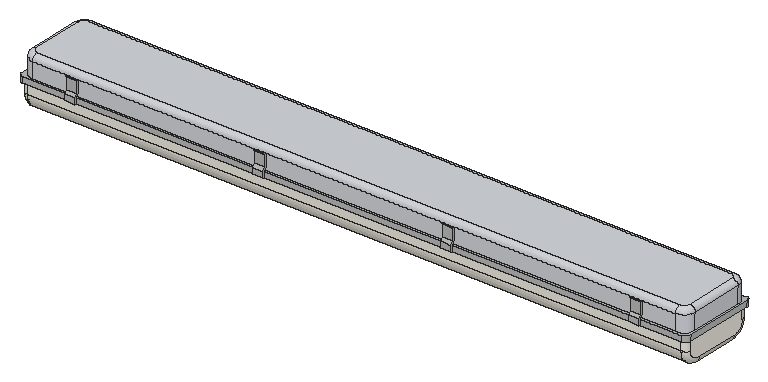
Revit family "АЙСБЕРГ", category Осветительные приборы, Revit 2019 (continued)
Types (8, lengths in mm): name | Файл фотометрической сетки | built-in parameter 1150105 | Lumens | built-in parameter 1150106 | built-in parameter 1150142 | Wattage | ADSK_Ток | ADSK_Полная мощность | ADSK_Обозначение | ADSK_Номинальная мощность | ADSK_Наименование | ADSK_Код изделия
  CSVT Айсберг-38  (IP65, 5000К ) c БАП на 3 час. | "CSVT Iceberg-38.ies" | 358.1 (stored number, unit not read) | 4500 lm | 3.581 (stored number, unit not read) | "IESNA:LM-63-95\r\n[TEST] Протокол № 50\r\n[DATA] 17.06.2016\r\n[MORE] \r\n[MANUFAC] ЗАО \"Центрстройсвет\"\r\n[LUMCAT]  Светильник OPERLUX-34/PRISMA-(588x588) \r\n[LUMINAIRE]\r\n[LAMPCAT] Светодиоды\r\n[LAMP] Поток источника света (светодиодов) не известен\r\n[MORE] КСС приведена в абсолютных величинах кд\r\n[MORE] Вместо потока лампы, указан поток светильника.\r\nTILT=NONE\r\n1    3050 1.0 37 73 1 2 0.588 0.588 0.08\r\n1.0 1.0 34\r\n0.0 5.0 10.0 15.0 20.0 25.0 30.0 35.0 40.0 45.0 50.0 55.0 60.0 65.0 70.0 75.0 80.0 85.0 90.0 95.0 100.0 105.0 110.0 115.0 120.0 125.0 130.0 135.0 140.0 145.0 150.0 155.0 160.0 165.0 170.0 175.0 180.0\r\n0.0 5.0 10.0 15.0 20.0 25.0 30.0 35.0 40.0 45.0 50.0 55.0 60.0 65.0 70.0 75.0 80.0 85.0 90.0 95.0 100.0 105.0 110.0 115.0 120.0 125.0 130.0 135.0 140.0 145.0 150.0 155.0 160.0 165.0 170.0 175.0 180.0 185.0 190.0 195.0 200.0 205.0 210.0 215.0 220.0 225.0 230.0 235.0 240.0 245.0 250.0 255.0 260.0 265.0 270.0 275.0 280.0 285.0 290.0 295.0 300.0 305.0 310.0 315.0 320.0 325.0 330.0 335.0 340.0 345.0 350.0 355.0 360.0\r\n1367.8 1364.1 1339.9 1310.7 1251.0 1171.4 1077.9 956.5 826.9 709.2 591.4 468.7 352.2 267.2 190.7 130.0 88.6 43.5 5.5 0.0 0.0 0.0 0.0 0.0 0.0 0.0 0.0 0.0 0.0 0.0 0.0 0.0 0.0 0.0 0.0 0.0 0.0\r\n1367.8 1365.7 1344.6 1309.2 1251.5 1175.2 1073.4 954.2 830.4 711.2 594.6 469.5 356.0 268.7 191.9 132.6 89.9 43.9 6.3 0.0 0.0 0.0 0.0 0.0 0.0 0.0 0.0 0.0 0.0 0.0 0.0 0.0 0.0 0.0 0.0 0.0 0.0\r\n1367.8 1367.4 1347.2 1302.8 1251.5 1178.6 1078.4 958.6 835.1 714.0 597.2 474.3 359.6 268.7 192.7 135.6 92.1 44.3 6.9 0.0 0.0 0.0 0.0 0.0 0.0 0.0 0.0 0.0 0.0 0.0 0.0 0.0 0.0 0.0 0.0 0.0 0.0\r\n1367.8 1368.2 1346.2 1303.1 1250.1 1177.1 1081.4 960.9 838.1 716.2 597.6 475.0 358.6 266.4 190.9 134.8 91.7 44.9 7.0 0.0 0.0 0.0 0.0 0.0 0.0 0.0 0.0 0.0 0.0 0.0 0.0 0.0 0.0 0.0 0.0 0.0 0.0\r\n1367.8 1367.7 1343.5 1306.2 1256.1 1180.0 1081.0 961.6 838.1 714.0 595.7 473.1 356.8 262.2 188.3 132.8 89.3 43.7 6.6 0.0 0.0 0.0 0.0 0.0 0.0 0.0 0.0 0.0 0.0 0.0 0.0 0.0 0.0 0.0 0.0 0.0 0.0\r\n1367.8 1366.2 1344.8 1309.0 1256.2 1184.6 1080.4 962.6 836.8 714.8 593.8 469.6 354.4 260.1 184.9 130.4 88.4 44.2 6.5 0.0 0.0 0.0 0.0 0.0 0.0 0.0 0.0 0.0 0.0 0.0 0.0 0.0 0.0 0.0 0.0 0.0 0.0\r\n1367.8 1364.3 1347.6 1312.1 1259.9 1177.4 1078.5 968.2 849.1 721.6 596.0 467.2 355.0 257.4 183.3 127.1 87.5 45.4 6.5 0.0 0.0 0.0 0.0 0.0 0.0 0.0 0.0 0.0 0.0 0.0 0.0 0.0 0.0 0.0 0.0 0.0 0.0\r\n1367.8 1363.3 1348.8 1312.0 1262.8 1181.2 1077.4 968.8 853.2 730.0 597.2 466.8 353.5 256.9 181.1 124.8 87.2 45.9 6.9 0.0 0.0 0.0 0.0 0.0 0.0 0.0 0.0 0.0 0.0 0.0 0.0 0.0 0.0 0.0 0.0 0.0 0.0\r\n1367.8 1364.0 1350.3 1308.2 1255.9 1182.2 1079.9 969.0 856.0 734.3 601.1 468.4 352.6 254.4 178.0 121.7 85.5 45.0 6.9 0.0 0.0 0.0 0.0 0.0 0.0 0.0 0.0 0.0 0.0 0.0 0.0 0.0 0.0 0.0 0.0 0.0 0.0\r\n1367.8 1364.9 1349.2 1313.0 1259.2 1178.2 1076.4 970.7 860.9 740.8 606.9 469.1 350.2 254.0 175.6 117.8 83.6 43.4 6.7 0.0 0.0 0.0 0.0 0.0 0.0 0.0 0.0 0.0 0.0 0.0 0.0 0.0 0.0 0.0 0.0 0.0 0.0\r\n1367.8 1365.0 1348.6 1315.3 1261.5 1184.1 1082.6 973.9 862.8 745.2 607.9 469.0 350.5 253.1 173.2 116.2 81.4 42.4 6.5 0.0 0.0 0.0 0.0 0.0 0.0 0.0 0.0 0.0 0.0 0.0 0.0 0.0 0.0 0.0 0.0 0.0 0.0\r\n1367.8 1364.4 1347.9 1315.3 1258.7 1186.3 1085.9 970.5 862.2 747.0 613.0 468.8 350.2 252.8 173.4 116.6 79.8 40.9 6.7 0.0 0.0 0.0 0.0 0.0 0.0 0.0 0.0 0.0 0.0 0.0 0.0 0.0 0.0 0.0 0.0 0.0 0.0\r\n1367.8 1363.4 1347.0 1308.3 1258.6 1184.3 1089.8 973.9 867.7 742.3 606.2 467.0 350.0 252.6 175.4 119.1 79.8 42.1 7.1 0.0 0.0 0.0 0.0 0.0 0.0 0.0 0.0 0.0 0.0 0.0 0.0 0.0 0.0 0.0 0.0 0.0 0.0\r\n1367.8 1362.6 1348.4 1308.2 1261.4 1190.2 1088.3 978.6 869.6 744.0 601.1 462.4 350.2 253.6 175.9 123.0 83.5 45.3 7.8 0.0 0.0 0.0 0.0 0.0 0.0 0.0 0.0 0.0 0.0 0.0 0.0 0.0 0.0 0.0 0.0 0.0 0.0\r\n1367.8 1362.3 1347.3 1311.1 1262.3 1191.1 1093.6 982.5 872.1 746.6 597.2 461.1 348.8 251.4 176.3 127.6 89.2 48.5 7.9 0.0 0.0 0.0 0.0 0.0 0.0 0.0 0.0 0.0 0.0 0.0 0.0 0.0 0.0 0.0 0.0 0.0 0.0\r\n1367.8 1362.5 1345.8 1316.1 1260.6 1190.3 1096.8 982.6 873.3 743.8 593.1 456.4 347.2 250.6 175.7 130.9 94.2 51.8 9.3 0.0 0.0 0.0 0.0 0.0 0.0 0.0 0.0 0.0 0.0 0.0 0.0 0.0 0.0 0.0 0.0 0.0 0.0\r\n1367.8 1363.2 1345.2 1315.5 1267.1 1195.5 1096.1 995.9 871.3 740.3 589.0 455.0 342.8 246.9 174.2 131.9 97.1 52.4 10.1 0.0 0.0 0.0 0.0 0.0 0.0 0.0 0.0 0.0 0.0 0.0 0.0 0.0 0.0 0.0 0.0 0.0 0.0\r\n1367.8 1364.5 1346.0 1317.2 1264.0 1194.7 1102.6 991.8 873.9 736.2 584.7 454.3 338.6 243.0 171.3 130.1 99.3 53.7 9.5 0.0 0.0 0.0 0.0 0.0 0.0 0.0 0.0 0.0 0.0 0.0 0.0 0.0 0.0 0.0 0.0 0.0 0.0\r\n1367.8 1365.9 1346.4 1317.1 1264.0 1198.2 1105.3 994.6 872.6 727.7 582.0 451.8 335.8 239.9 168.3 127.6 100.0 55.8 7.5 0.0 0.0 0.0 0.0 0.0 0.0 0.0 0.0 0.0 0.0 0.0 0.0 0.0 0.0 0.0 0.0 0.0 0.0\r\n1367.8 1366.3 1344.9 1317.5 1265.6 1200.4 1108.2 997.2 868.8 722.7 575.8 446.5 333.1 238.4 167.7 126.3 98.1 56.1 8.8 0.0 0.0 0.0 0.0 0.0 0.0 0.0 0.0 0.0 0.0 0.0 0.0 0.0 0.0 0.0 0.0 0.0 0.0\r\n1367.8 1365.9 1344.0 1313.0 1263.2 1200.6 1104.3 997.0 862.7 720.9 568.5 441.0 331.7 237.8 167.7 126.3 96.7 53.7 9.4 0.0 0.0 0.0 0.0 0.0 0.0 0.0 0.0 0.0 0.0 0.0 0.0 0.0 0.0 0.0 0.0 0.0 0.0\r\n1367.8 1365.3 1346.1 1312.6 1263.0 1198.3 1108.1 995.3 861.6 712.7 563.4 437.4 331.4 236.8 165.9 124.7 95.3 55.2 9.1 0.0 0.0 0.0 0.0 0.0 0.0 0.0 0.0 0.0 0.0 0.0 0.0 0.0 0.0 0.0 0.0 0.0 0.0\r\n1367.8 1364.9 1349.2 1313.0 1262.9 1199.0 1108.3 993.8 855.7 710.3 563.1 435.2 329.9 233.9 163.4 121.6 92.0 55.1 8.8 0.0 0.0 0.0 0.0 0.0 0.0 0.0 0.0 0.0 0.0 0.0 0.0 0.0 0.0 0.0 0.0 0.0 0.0\r\n1367.8 1364.1 1352.0 1313.2 1259.2 1197.0 1104.6 988.6 849.9 704.2 562.4 433.5 327.9 230.5 158.4 116.9 87.6 51.4 7.8 0.0 0.0 0.0 0.0 0.0 0.0 0.0 0.0 0.0 0.0 0.0 0.0 0.0 0.0 0.0 0.0 0.0 0.0\r\n1367.8 1363.0 1349.6 1313.3 1257.8 1193.2 1098.7 980.1 848.0 708.1 565.6 433.4 325.1 228.0 154.2 111.3 83.7 49.7 7.5 0.0 0.0 0.0 0.0 0.0 0.0 0.0 0.0 0.0 0.0 0.0 0.0 0.0 0.0 0.0 0.0 0.0 0.0\r\n1367.8 1361.9 1346.7 1314.1 1256.8 1193.2 1093.6 977.6 847.2 708.6 569.1 434.8 324.5 225.9 151.7 107.5 81.6 48.9 7.3 0.0 0.0 0.0 0.0 0.0 0.0 0.0 0.0 0.0 0.0 0.0 0.0 0.0 0.0 0.0 0.0 0.0 0.0\r\n1367.8 1361.2 1345.0 1309.5 1261.1 1193.3 1089.9 973.2 851.1 709.3 572.7 435.0 323.4 225.4 152.1 105.8 80.4 49.9 7.3 0.0 0.0 0.0 0.0 0.0 0.0 0.0 0.0 0.0 0.0 0.0 0.0 0.0 0.0 0.0 0.0 0.0 0.0\r\n1367.8 1360.5 1345.3 1307.2 1258.6 1186.4 1085.9 974.0 847.9 714.1 575.5 436.8 321.2 223.3 152.0 105.2 79.8 49.6 8.0 0.0 0.0 0.0 0.0 0.0 0.0 0.0 0.0 0.0 0.0 0.0 0.0 0.0 0.0 0.0 0.0 0.0 0.0\r\n1367.8 1360.0 1344.3 1308.1 1257.8 1178.2 1085.3 975.1 848.7 715.2 575.4 439.1 318.7 223.0 150.8 104.3 79.3 49.5 8.2 0.0 0.0 0.0 0.0 0.0 0.0 0.0 0.0 0.0 0.0 0.0 0.0 0.0 0.0 0.0 0.0 0.0 0.0\r\n1367.8 1360.5 1346.2 1311.6 1256.3 1174.7 1082.9 978.6 851.4 710.5 574.9 440.6 317.9 221.6 152.3 106.4 79.3 48.7 8.4 0.0 0.0 0.0 0.0 0.0 0.0 0.0 0.0 0.0 0.0 0.0 0.0 0.0 0.0 0.0 0.0 0.0 0.0\r\n1367.8 1361.9 1350.3 1309.3 1252.2 1172.6 1080.3 970.8 851.2 713.3 570.6 439.7 319.0 222.4 154.5 110.7 81.7 47.4 8.1 0.0 0.0 0.0 0.0 0.0 0.0 0.0 0.0 0.0 0.0 0.0 0.0 0.0 0.0 0.0 0.0 0.0 0.0\r\n1367.8 1363.7 1348.0 1307.6 1253.5 1171.4 1087.1 971.6 851.9 710.7 569.9 438.2 323.8 226.5 159.3 115.4 83.3 45.0 7.6 0.0 0.0 0.0 0.0 0.0 0.0 0.0 0.0 0.0 0.0 0.0 0.0 0.0 0.0 0.0 0.0 0.0 0.0\r\n1367.8 1365.3 1346.4 1312.3 1251.8 1172.7 1086.5 974.6 847.7 705.0 567.7 442.4 326.6 234.0 164.3 120.1 85.8 43.9 7.4 0.0 0.0 0.0 0.0 0.0 0.0 0.0 0.0 0.0 0.0 0.0 0.0 0.0 0.0 0.0 0.0 0.0 0.0\r\n1367.8 1366.2 1347.0 1309.1 1250.4 1170.7 1085.2 978.5 846.6 705.8 567.4 441.3 331.1 236.3 167.7 122.8 88.4 45.0 8.1 0.0 0.0 0.0 0.0 0.0 0.0 0.0 0.0 0.0 0.0 0.0 0.0 0.0 0.0 0.0 0.0 0.0 0.0\r\n1367.8 1366.0 1347.9 1306.2 1240.5 1166.7 1082.2 977.2 844.2 702.8 566.8 442.7 335.1 241.3 169.7 123.7 90.0 45.9 9.2 0.0 0.0 0.0 0.0 0.0 0.0 0.0 0.0 0.0 0.0 0.0 0.0 0.0 0.0 0.0 0.0 0.0 0.0\r\n1367.8 1364.3 1346.5 1311.7 1250.6 1170.3 1080.9 980.5 844.4 703.8 569.8 446.4 334.2 240.3 169.5 121.7 87.9 46.9 9.3 0.0 0.0 0.0 0.0 0.0 0.0 0.0 0.0 0.0 0.0 0.0 0.0 0.0 0.0 0.0 0.0 0.0 0.0\r\n1367.8 1361.6 1341.0 1307.3 1249.6 1169.2 1088.8 980.5 845.1 706.2 571.7 444.8 333.0 238.4 168.9 120.7 87.1 47.8 7.8 0.0 0.0 0.0 0.0 0.0 0.0 0.0 0.0 0.0 0.0 0.0 0.0 0.0 0.0 0.0 0.0 0.0 0.0\r\n1367.8 1359.4 1337.2 1303.3 1252.4 1170.4 1080.4 978.1 841.4 701.4 566.4 444.4 333.5 241.2 169.4 122.2 88.2 47.2 9.5 0.0 0.0 0.0 0.0 0.0 0.0 0.0 0.0 0.0 0.0 0.0 0.0 0.0 0.0 0.0 0.0 0.0 0.0\r\n1367.8 1359.3 1342.6 1310.3 1242.7 1173.0 1078.8 976.3 844.8 702.0 565.3 440.7 332.8 240.9 169.9 123.5 89.5 46.1 9.1 0.0 0.0 0.0 0.0 0.0 0.0 0.0 0.0 0.0 0.0 0.0 0.0 0.0 0.0 0.0 0.0 0.0 0.0\r\n1367.8 1361.3 1345.4 1306.4 1248.2 1167.7 1080.4 980.5 846.8 703.5 567.2 443.4 333.2 240.2 168.7 123.1 88.4 46.2 8.4 0.0 0.0 0.0 0.0 0.0 0.0 0.0 0.0 0.0 0.0 0.0 0.0 0.0 0.0 0.0 0.0 0.0 0.0\r\n1367.8 1364.4 1343.1 1308.2 1251.3 1170.9 1084.2 980.8 848.5 707.7 571.1 445.6 332.7 238.1 167.5 120.7 85.6 44.6 7.7 0.0 0.0 0.0 0.0 0.0 0.0 0.0 0.0 0.0 0.0 0.0 0.0 0.0 0.0 0.0 0.0 0.0 0.0\r\n1367.8 1366.7 1342.9 1310.2 1254.3 1176.8 1087.8 981.7 853.4 711.9 574.2 446.0 329.4 232.8 162.6 116.6 83.7 45.3 8.1 0.0 0.0 0.0 0.0 0.0 0.0 0.0 0.0 0.0 0.0 0.0 0.0 0.0 0.0 0.0 0.0 0.0 0.0\r\n1367.8 1367.7 1346.5 1310.6 1258.1 1183.1 1085.5 978.6 854.1 714.2 577.9 448.7 327.1 229.4 158.3 112.1 82.0 47.9 9.0 0.0 0.0 0.0 0.0 0.0 0.0 0.0 0.0 0.0 0.0 0.0 0.0 0.0 0.0 0.0 0.0 0.0 0.0\r\n1367.8 1367.3 1348.0 1310.6 1262.6 1180.1 1086.5 982.6 856.7 719.8 579.9 448.7 324.7 226.8 155.7 107.8 80.3 50.1 9.5 0.0 0.0 0.0 0.0 0.0 0.0 0.0 0.0 0.0 0.0 0.0 0.0 0.0 0.0 0.0 0.0 0.0 0.0\r\n1367.8 1365.6 1348.6 1309.9 1259.0 1186.0 1089.0 979.4 855.0 722.2 584.2 450.5 325.6 227.6 155.8 107.2 80.5 51.4 9.6 0.0 0.0 0.0 0.0 0.0 0.0 0.0 0.0 0.0 0.0 0.0 0.0 0.0 0.0 0.0 0.0 0.0 0.0\r\n1367.8 1363.3 1347.7 1306.8 1261.1 1190.7 1095.5 982.3 860.8 723.2 585.7 446.3 327.8 230.3 158.2 109.3 81.7 51.4 9.3 0.0 0.0 0.0 0.0 0.0 0.0 0.0 0.0 0.0 0.0 0.0 0.0 0.0 0.0 0.0 0.0 0.0 0.0\r\n1367.8 1361.0 1344.4 1306.7 1264.4 1191.7 1095.0 984.8 858.7 723.1 583.6 444.8 328.4 232.3 158.6 109.9 81.8 51.7 9.0 0.0 0.0 0.0 0.0 0.0 0.0 0.0 0.0 0.0 0.0 0.0 0.0 0.0 0.0 0.0 0.0 0.0 0.0\r\n1367.8 1359.1 1344.3 1308.4 1263.8 1198.1 1102.2 989.8 861.5 721.8 582.8 444.8 331.3 233.7 158.6 111.1 83.0 50.9 8.9 0.0 0.0 0.0 0.0 0.0 0.0 0.0 0.0 0.0 0.0 0.0 0.0 0.0 0.0 0.0 0.0 0.0 0.0\r\n1367.8 1357.8 1346.5 1313.8 1263.6 1192.7 1107.0 996.3 859.5 718.8 579.1 442.9 332.1 234.9 160.7 114.1 84.6 51.0 9.2 0.0 0.0 0.0 0.0 0.0 0.0 0.0 0.0 0.0 0.0 0.0 0.0 0.0 0.0 0.0 0.0 0.0 0.0\r\n1367.8 1357.7 1347.3 1313.2 1264.3 1198.9 1108.1 998.6 864.9 718.7 573.2 441.1 332.1 237.8 164.0 118.2 87.5 52.0 9.8 0.0 0.0 0.0 0.0 0.0 0.0 0.0 0.0 0.0 0.0 0.0 0.0 0.0 0.0 0.0 0.0 0.0 0.0\r\n1367.8 1358.5 1346.9 1313.1 1266.5 1195.6 1112.2 1002.8 870.4 722.5 574.7 443.8 335.7 239.1 166.4 121.6 91.2 55.8 10.9 0.0 0.0 0.0 0.0 0.0 0.0 0.0 0.0 0.0 0.0 0.0 0.0 0.0 0.0 0.0 0.0 0.0 0.0\r\n1367.8 1359.8 1344.7 1312.9 1269.5 1203.1 1107.5 1002.6 874.5 724.4 574.3 444.8 335.5 240.3 169.6 124.4 94.2 56.9 11.6 0.0 0.0 0.0 0.0 0.0 0.0 0.0 0.0 0.0 0.0 0.0 0.0 0.0 0.0 0.0 0.0 0.0 0.0\r\n1367.8 1361.7 1344.5 1316.7 1266.1 1199.3 1111.1 1004.7 879.7 733.6 577.6 446.7 337.8 241.2 168.7 126.0 96.3 56.5 11.7 0.0 0.0 0.0 0.0 0.0 0.0 0.0 0.0 0.0 0.0 0.0 0.0 0.0 0.0 0.0 0.0 0.0 0.0\r\n1367.8 1363.9 1346.7 1316.2 1265.7 1198.1 1117.1 1006.7 882.1 737.2 586.5 450.4 338.9 242.3 167.8 125.5 98.6 58.1 10.5 0.0 0.0 0.0 0.0 0.0 0.0 0.0 0.0 0.0 0.0 0.0 0.0 0.0 0.0 0.0 0.0 0.0 0.0\r\n1367.8 1365.2 1345.4 1319.5 1265.7 1198.8 1109.1 1003.5 876.9 742.6 589.1 456.4 341.1 242.1 167.5 126.8 100.2 57.9 8.8 0.0 0.0 0.0 0.0 0.0 0.0 0.0 0.0 0.0 0.0 0.0 0.0 0.0 0.0 0.0 0.0 0.0 0.0\r\n1367.8 1365.0 1345.2 1312.9 1265.8 1199.0 1109.7 999.6 877.6 742.6 595.8 457.7 342.1 245.3 170.4 128.5 99.0 56.9 11.0 0.0 0.0 0.0 0.0 0.0 0.0 0.0 0.0 0.0 0.0 0.0 0.0 0.0 0.0 0.0 0.0 0.0 0.0\r\n1367.8 1364.1 1347.9 1311.6 1271.1 1195.3 1102.7 998.9 881.1 745.5 597.2 460.9 345.1 248.6 174.0 129.7 96.5 55.6 11.2 0.0 0.0 0.0 0.0 0.0 0.0 0.0 0.0 0.0 0.0 0.0 0.0 0.0 0.0 0.0 0.0 0.0 0.0\r\n1367.8 1363.0 1347.3 1314.0 1269.6 1192.3 1104.9 991.5 878.3 748.8 603.5 463.3 348.1 251.3 177.2 130.4 94.2 55.0 10.3 0.0 0.0 0.0 0.0 0.0 0.0 0.0 0.0 0.0 0.0 0.0 0.0 0.0 0.0 0.0 0.0 0.0 0.0\r\n1367.8 1362.4 1346.2 1314.7 1264.3 1194.7 1094.8 992.0 878.4 749.1 608.2 465.6 349.4 252.9 177.2 127.6 90.1 51.7 8.7 0.0 0.0 0.0 0.0 0.0 0.0 0.0 0.0 0.0 0.0 0.0 0.0 0.0 0.0 0.0 0.0 0.0 0.0\r\n1367.8 1362.7 1348.0 1314.5 1265.5 1196.6 1094.9 983.4 872.0 752.6 609.3 469.0 352.6 254.1 177.1 125.0 85.8 47.2 8.1 0.0 0.0 0.0 0.0 0.0 0.0 0.0 0.0 0.0 0.0 0.0 0.0 0.0 0.0 0.0 0.0 0.0 0.0\r\n1367.8 1362.9 1347.6 1317.1 1264.6 1191.1 1090.4 981.6 868.8 748.7 612.1 472.2 352.0 253.6 176.2 121.4 83.1 43.4 6.9 0.0 0.0 0.0 0.0 0.0 0.0 0.0 0.0 0.0 0.0 0.0 0.0 0.0 0.0 0.0 0.0 0.0 0.0\r\n1367.8 1362.5 1343.6 1318.7 1268.8 1192.3 1085.5 974.5 866.1 750.5 612.3 472.0 350.7 253.1 174.7 119.5 83.2 43.3 6.3 0.0 0.0 0.0 0.0 0.0 0.0 0.0 0.0 0.0 0.0 0.0 0.0 0.0 0.0 0.0 0.0 0.0 0.0\r\n1367.8 1362.1 1341.3 1317.3 1267.8 1185.0 1082.2 972.1 864.2 747.6 611.4 473.0 350.1 254.2 174.7 118.9 84.4 45.4 6.1 0.0 0.0 0.0 0.0 0.0 0.0 0.0 0.0 0.0 0.0 0.0 0.0 0.0 0.0 0.0 0.0 0.0 0.0\r\n1367.8 1362.2 1343.6 1308.9 1260.0 1189.4 1084.9 971.7 859.6 740.4 606.9 470.8 351.4 253.9 176.6 120.3 86.5 45.9 6.5 0.0 0.0 0.0 0.0 0.0 0.0 0.0 0.0 0.0 0.0 0.0 0.0 0.0 0.0 0.0 0.0 0.0 0.0\r\n1367.8 1363.0 1342.9 1314.5 1263.9 1184.9 1081.6 971.9 853.4 735.2 605.3 467.7 352.3 254.8 180.1 122.7 87.8 46.6 6.8 0.0 0.0 0.0 0.0 0.0 0.0 0.0 0.0 0.0 0.0 0.0 0.0 0.0 0.0 0.0 0.0 0.0 0.0\r\n1367.8 1364.3 1340.2 1313.1 1261.0 1182.5 1084.4 971.4 852.3 730.7 600.0 466.2 354.3 255.8 181.2 124.6 88.4 46.8 6.6 0.0 0.0 0.0 0.0 0.0 0.0 0.0 0.0 0.0 0.0 0.0 0.0 0.0 0.0 0.0 0.0 0.0 0.0\r\n1367.8 1365.9 1343.5 1308.2 1258.3 1181.3 1083.1 966.4 845.6 721.0 594.9 467.0 352.2 259.1 183.4 126.7 88.1 45.4 6.1 0.0 0.0 0.0 0.0 0.0 0.0 0.0 0.0 0.0 0.0 0.0 0.0 0.0 0.0 0.0 0.0 0.0 0.0\r\n1367.8 1366.3 1345.1 1308.7 1254.7 1177.8 1080.9 969.9 838.6 714.9 593.4 465.7 351.7 258.6 185.5 129.6 88.1 44.0 5.9 0.0 0.0 0.0 0.0 0.0 0.0 0.0 0.0 0.0 0.0 0.0 0.0 0.0 0.0 0.0 0.0 0.0 0.0\r\n1367.8 1364.5 1343.2 1306.3 1248.4 1177.3 1082.4 962.7 833.3 713.0 595.0 468.9 352.8 260.9 187.3 132.3 88.7 43.5 6.0 0.0 0.0 0.0 0.0 0.0 0.0 0.0 0.0 0.0 0.0 0.0 0.0 0.0 0.0 0.0 0.0 0.0 0.0\r\n1367.8 1362.4 1346.0 1305.7 1255.8 1170.9 1078.4 956.8 832.7 709.6 592.6 470.6 355.6 263.8 189.2 133.7 90.3 44.0 6.3 0.0 0.0 0.0 0.0 0.0 0.0 0.0 0.0 0.0 0.0 0.0 0.0 0.0 0.0 0.0 0.0 0.0 0.0\r\n1367.8 1362.0 1346.8 1311.0 1252.6 1177.3 1074.5 958.3 825.6 709.7 591.0 467.7 356.3 264.6 188.4 133.0 90.3 43.3 6.2 0.0 0.0 0.0 0.0 0.0 0.0 0.0 0.0 0.0 0.0 0.0 0.0 0.0 0.0 0.0 0.0 0.0 0.0\r\n1367.8 1363.0 1341.5 1311.3 1242.3 1175.5 1082.4 953.9 818.8 707.4 591.0 466.6 352.5 265.4 188.6 130.9 89.0 43.1 6.3 0.0 0.0 0.0 0.0 0.0 0.0 0.0 0.0 0.0 0.0 0.0 0.0 0.0 0.0 0.0 0.0 0.0 0.0\r\n1367.8 1364.1 1339.9 1310.7 1251.0 1171.4 1077.9 956.5 826.9 709.2 591.4 468.7 352.2 267.2 190.7 130.0 88.6 43.5 5.5 0.0 0.0 0.0 0.0 0.0 0.0 0.0 0.0 0.0 0.0 0.0 0.0 0.0 0.0 0.0 0.0 0.0 0.0\r\n" | 30.2945 W | 0.179584 A | 41.3043 VA | "CSVT Айсберг-38 (IP65, 5000К )" | 38 W | "Светодиодный пылевлагозащищенный светильник CSVT Айсберг-38  (IP65, 5000К ) c БАП на 3 часа" | "ЦБ000003051"
  CSVT Айсберг-57  (IP65, 5000К ) | "CSVT Iceberg-57.ies" | 517.25 (stored number, unit not read) | 6500 lm | 5.1725 (stored number, unit not read) | "IESNA:\r\n[DATA] 17.03.2017\r\n[MANUFAC] ЗАО ЦЕНТРСТРОЙСВЕТ\r\n[LUMCAT] CSVT Айсберг-57\r\n[LUMINAIRE] \r\n[LAMP] LED\r\nTILT=NONE\r\n1 6934 6.934 181 2 1 2\r\n1.27 0.155 0.1\r\n1 1 57.3\r\n0 1 2 3 4 5 6 7 8 9 10 11 12 13 14 15 16 17 18 19 20 21 22 23 24 25 26 27 28 29 30 31 32 33 34 35 36 37 38 39 40 41 42 43 44 45 46 47 48 49 50 51 52 53 54 55 56 57 58 59 60 61 62 63 64 65 66 67 68 69 70 71 72 73 74 75 76 77 78 79 80 81 82 83 84 85 86 87 88 89 90 91 92 93 94 95 96 97 98 99 100 101 102 103 104 105 106 107 108 109 110 111 112 113 114 115 116 117 118 119 120 121 122 123 124 125 126 127 128 129 130 131 132 133 134 135 136 137 138 139 140 141 142 143 144 145 146 147 148 149 150 151 152 153 154 155 156 157 158 159 160 161 162 163 164 165 166 167 168 169 170 171 172 173 174 175 176 177 178 179 180 \r\n0 90 \r\n363.1 354.1 338.5 324.3 309.9 307.5 313.5 310.5 305.6 316.1 331.4 337.5 348.7 370.9 381.5 364.8 333.2 301.4 271 244.9 228.5 222.6 225.8 234.8 246.5 261.4 281.1 301.7 316.9 323.1 321.6 314.2 302.2 291.9 284.7 276.6 270.2 266.6 266.1 265.4 265.1 264.4 258.7 252.4 243.3 232.2 219.3 207.8 194.1 176.2 168.2 164.9 163.9 169 176.7 181.5 183.4 187.8 195.1 192.4 181.4 172.9 166.1 162.2 157.2 151.3 144.4 132.5 119.5 111.3 102.6 95.3 89.4 81.1 73.3 65.4 59 54.7 50.3 46.6 43.3 39.9 36.7 33.6 30.4 27.6 24.5 21.6 19.2 17 15.1 13.8 12.3 11.1 10.1 9.3 8.6 7.7 7 6.3 5.6 5 4.4 4 3.6 3.3 3.2 3 2.9 2.9 2.8 2.7 2.7 2.7 2.7 2.7 2.8 2.8 2.7 2.7 2.7 2.6 2.7 2.7 2.7 2.7 2.8 2.8 2.7 2.4 2.4 2.3 2.3 2.1 2 2 0 0 0 0 0 0 0 0 0 0 0 0 0 0 0 0 0 0 0 0 0 0 0 0 0 0 0 0 0 0 0 0 0 0 0 0 0 0 0 0 0 0 0 0 0\r\n363.1 363.1 363 362.8 362.5 362.2 361.7 361.2 360.5 359.7 358.9 358 357 356 354.9 353.7 352.3 350.7 349 347.1 345 342.8 340.4 337.9 335 331.8 328.3 324.7 320.8 316.6 312.2 307.6 303 298.5 293.8 289.1 284 278.7 273 266.8 260.7 254.5 247.9 241.3 234.9 228.4 222.5 216.5 210.7 205.3 200.2 195.5 190.8 185.9 180.3 174.3 168.2 162.2 155.9 148.9 141.2 134 127.4 121.3 115.2 108.4 101.4 94.4 88.3 82.1 75.5 67.9 59.7 52.5 46.1 40.5 35.6 30.7 25.8 22.7 20.3 17.8 15.3 13.6 12 10.4 8.9 7.5 6.4 5.2 4.4 4 3.9 4 4.4 4.6 4.7 4.8 4.7 4.6 4.4 4.3 4.2 4.1 3.9 3.8 3.7 3.6 3.5 3.4 3.2 3.1 3 2.9 2.8 2.7 2 1.2 1.2 0 0 0 0 0 0 0 0 0 0 0 0 0 0 0 0 0 0 0 0 0 0 0 0 0 0 0 0 0 0 0 0 0 0 0 0 0 0 0 0 0 0 0 0 0 0 0 0 0 0 0 0 0 0 0 0 0 0 0 0 0 0\r\n" | 43.7587 W | 0.269376 A | 61.9565 VA | "CSVT Айсберг-57 (IP65, 5000К )" | 57 W | "Светодиодный пылевлагозащищенный светильник CSVT Айсберг-57  (IP65, 5000К )" | "ЦБ000008788"
  CSVT Айсберг-38/MILKY  (IP65, 5000К ) c БАП на 1 час. | "CSVT Iceberg-38Milky.ies" | 358.1 (stored number, unit not read) | 4500 lm | 3.581 (stored number, unit not read) | "IESNA:LM-63-1995\r\n[DATA] 19.04.2017\r\n[MANUFAC] Joint stock company Centrstroysvet\r\n[LUMCAT] CSVT Iceberg-38/Milky\r\n[LUMINAIRE] For general lighting applications in buildings with high humidity and dust\r\n[LAMP] LED\r\nTILT=NONE\r\n1 4459 4.459 181 2 1 2\r\n1.27 0.152 0.100\r\n1 1 38.6\r\n0 1 2 3 4 5 6 7 8 9 10 11 12 13 14 15 16 17 18 19 20 21 22 23 24 25 26 27 28 29 30 31 32 33 34 35 36 37 38 39 40 41 42 43 44 45 46 47 48 49 50 51 52 53 54 55 56 57 58 59 60 61 62 63 64 65 66 67 68 69 70 71 72 73 74 75 76 77 78 79 80 81 82 83 84 85 86 87 88 89 90 91 92 93 94 95 96 97 98 99 100 101 102 103 104 105 106 107 108 109 110 111 112 113 114 115 116 117 118 119 120 121 122 123 124 125 126 127 128 129 130 131 132 133 134 135 136 137 138 139 140 141 142 143 144 145 146 147 148 149 150 151 152 153 154 155 156 157 158 159 160 161 162 163 164 165 166 167 168 169 170 171 172 173 174 175 176 177 178 179 180 \r\n0 90 \r\n289.1 289 288.9 288.7 288.5 288 287.5 287.1 286.4 285.7 284.8 284 283 281.9 280.9 279.6 278.4 277.1 275.6 274.1 272.5 271 269.3 267.4 265.6 263.7 261.7 259.6 257.5 255.3 253.1 250.8 248.3 245.8 243.3 240.7 238 235.2 232.5 229.7 226.8 223.9 221 217.8 214.8 211.6 208.4 205.1 201.8 198.4 195.1 191.7 188.2 184.7 181.4 177.8 174.1 170.5 166.9 163.2 159.4 155.7 152 148.3 144.5 140.7 136.9 133.1 129.4 125.6 121.8 118.1 114.3 110.6 107 103.4 100 96.4 93 89.6 86.3 83.1 79.9 77 74.1 71.2 68.4 65.9 63.4 61 58.8 56.7 54.6 52.6 50.7 48.9 47.1 45.4 43.7 42.1 40.7 39.2 37.8 36.5 35.3 34.1 32.9 31.8 30.7 29.7 28.6 27.6 26.6 25.7 24.8 23.8 23 22.1 21.3 20.5 19.7 18.9 18.2 17.4 16.8 16.1 15.4 14.7 14.2 13.5 12.9 12.3 11.8 11.2 10.7 10.1 9.7 9.2 8.6 8.3 7.7 7.3 6.8 6.5 6.1 5.7 5.3 5 4.6 4.3 4 3.8 3.5 3.2 2.9 2.7 2.7 2.4 2.2 2 2 1.9 1.9 1.8 1.9 1.9 1.8 1.8 1.8 1.8 1.8 1.7 1.7 1.6 1.6 0 0 0 0 0 0\r\n289.1 289 288.8 288.4 288.1 287.7 287 286.1 285.3 284.4 283.2 282.1 280.7 279.4 277.8 276.3 274.5 272.7 270.8 268.8 266.8 264.4 262.2 259.7 257.2 254.7 252 249.3 246.5 243.6 240.6 237.6 234.5 231.3 228.1 224.6 221.2 217.8 214.3 210.8 207 203.3 199.6 195.8 191.9 187.8 183.9 180 175.9 171.6 167.4 163.3 159.2 154.9 150.4 146 141.6 137.2 132.8 128.2 123.6 119.1 114.4 109.7 105 100.5 95.8 90.9 86.2 81.7 76.8 72 67.1 62.5 57.8 53.1 48.4 43.9 39.4 35 30.9 27 23.1 19.4 16.2 13.2 10.5 8.3 6.8 5.8 5.4 5.2 5.1 5 4.9 4.8 4.7 4.7 4.7 4.6 4.6 4.6 4.5 4.3 4.3 4.2 4.1 4.1 4 4 3.9 3.8 3.8 3.8 3.7 3.5 3.6 3.5 3.5 3.3 3.4 3.3 3.2 3.2 3.1 3 3 2.9 2.9 2.8 2.8 2.8 2.8 2.7 2.7 2.6 2.6 2.5 2.5 2.5 2.3 2.3 2.3 2.3 2.2 2.1 2.1 0 0 0 0 0 0 0 0 0 0 0 0 0 0 0 0 0 0 0 0 0 0 0 0 0 0 0 0 0 0 0 0 0 0\r\n" | 30.2945 W | 0.179584 A | 41.3043 VA | "CSVT Айсберг-38/MILKY (IP65, 5000К )" | 38 W | "Светодиодный пылевлагозащищенный светильник CSVT Айсберг-38/MILKY  (IP65, 5000К ) c БАП на 1 час" | "ЦБ000009150"
